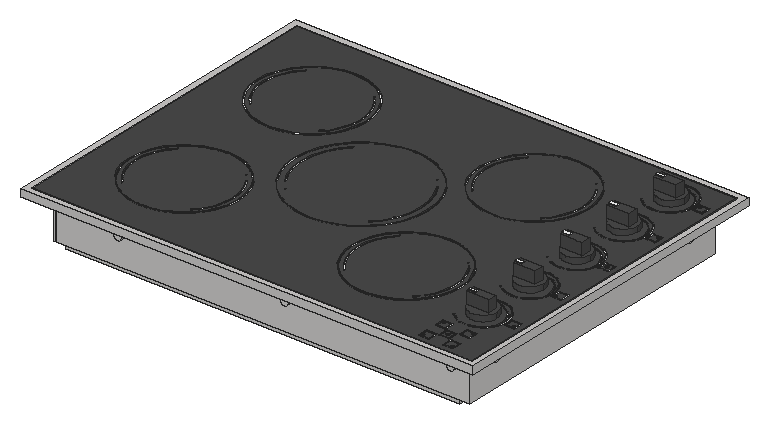
Revit family "QF_Summit_CR5B273B_Electric Cooktop", category Specialty Equipment, Revit 2020 (continued)
Automatic sketch dimensions
  curve 53 to curve 54 = 0.04419"  (x2)
  curve 61 to curve 62 = 0.04419"
  plane 17 to curve 64 = 2.30884"
  curve 64 to curve 64 = 0.04419"
  curve 62 to curve 61 = 2.02406"
  curve 56 to curve 51 = 2.02406"
  curve 50 to plane 8 "Center X" = 2.70732"
  curve 45 to curve 50 = 2.02406"
  plane 8 "Center X" to curve 68 = 2.73079"
  curve 57 to curve 68 = 2.02406"
  plane 13 to curve 52 = 2.33232"
  curve 45 to curve 52 = 2.02406"
  plane 17 to curve 66 = 2.30884"
  curve 57 to curve 66 = 2.02406"
  curve 68 to curve 68 = 0.04419"
  plane 17 to curve 66 = 2.26464"
  curve 67 to curve 66 = 0.04419"
  plane 13 to curve 52 = 2.28812"
  curve 52 to curve 52 = 0.04419"
  curve 50 to plane 8 "Center X" = 2.66312"
  plane 4 "RIGHT" to curve 7 = 3/8"
  curve 8 to plane 5 "FRONT" = 3/8"
  plane 13 to curve 54 = 2.28812"
  plane 13 to curve 40 = 2.28812"
  curve 43 to curve 28 = 0.10573"
  curve 56 to curve 30 = 0.10573"
  curve 30 to curve 30 = 0.0442"
  curve 14 to curve 11 = 2.08688"
  curve 62 to curve 63 = 0.04419"
  plane 1 "BACK" to curve 6 = 3/8"
  curve 34 to plane 12 = 1"
  curve 9 to plane 12 = 1"
  curve 9 to curve 12 = 1/16"
  curve 33 to curve 36 = 1/16"
  curve 44 to curve 22 = 0.68174"
  curve 21 to curve 24 = 1/16"
  plane 7 "Center Y" to curve 46 = 1 7/8"
  plane 7 "Center Y" to curve 58 = 1 7/8"
  curve 57 to curve 59 = 1/16"
  curve 45 to curve 47 = 1/16"
  Extrusion 1 sketch curve to Extrusion 1 sketch curve = 0"  (x82)
  Extrusion 1 sketch curve to plane 8 "Center X" = 0"
  plane 4 "RIGHT" to Extrusion 1 sketch curve = 3/8"
  plane 16 to Extrusion 1 sketch curve = 0.26249"  (x5)
  Extrusion 1 sketch curve to Extrusion 1 sketch curve = 1/32"  (x40)
  Extrusion 1 sketch curve to Extrusion 1 sketch curve = 0.09464"  (x7)
  Extrusion 1 sketch curve to Extrusion 1 sketch curve = 0.25802"  (x5)
  Extrusion 1 sketch curve to plane 15 = 0.06517"  (x2)
  Extrusion 1 sketch curve to plane 15 = 0.1598"  (x4)
  Extrusion 1 sketch curve to plane 15 = 0.68708"  (x2)
  Extrusion 1 sketch curve to plane 14 = 0.27044"  (x2)
  Extrusion 1 sketch curve to Extrusion 1 sketch curve = 0.4214"  (x3)
  plane 13 to Extrusion 1 sketch curve = 0.15185"  (x2)
  Extrusion 1 sketch curve to Extrusion 1 sketch curve = 0.51604"
  Extrusion 1 sketch curve to Extrusion 1 sketch curve = 0.13705"  (x3)
  Extrusion 1 sketch curve to Extrusion 1 sketch curve = 1.49645"  (x5)
  Extrusion 1 sketch curve to Extrusion 1 sketch curve = 0.02594"  (x5)
  Extrusion 1 sketch curve to plane 8 "Center X" = 1.63304"
  Extrusion 1 sketch curve to Extrusion 1 sketch curve = 0.77886"  (x5)
  plane 17 to Extrusion 1 sketch curve = 0.25804"
  Extrusion 1 sketch curve to Extrusion 1 sketch curve = 0.00721"  (x5)
  plane 17 to Extrusion 1 sketch curve = 0.33922"
  Extrusion 1 sketch curve to plane 14 = 0.14516"  (x2)
  plane 17 to Extrusion 1 sketch curve = 19/128"
  Extrusion 1 sketch curve to Extrusion 1 sketch curve = 0.10962"  (x7)
  Extrusion 1 sketch curve to plane 8 "Center X" = 1 67/128"
  Extrusion 1 sketch curve to Extrusion 1 sketch curve = 0.93647"  (x4)
  plane 8 "Center X" to Extrusion 1 sketch curve = 0.04586"
  Extrusion 1 sketch curve to Extrusion 1 sketch curve = 0.079"
  Extrusion 1 sketch curve to Extrusion 1 sketch curve = 0.08998"  (x5)
  plane 17 to Extrusion 1 sketch curve = 0.14683"
  Extrusion 1 sketch curve to Extrusion 1 sketch curve = 0.0442"  (x15)
  plane 8 "Center X" to Extrusion 1 sketch curve = 0.00166"
  Extrusion 1 sketch curve to plane 8 "Center X" = 2.66312"  (x3)
  Extrusion 1 sketch curve to Extrusion 1 sketch curve = 2.48762"  (x3)
  plane 17 to Extrusion 1 sketch curve = 2.26464"  (x4)
  Extrusion 1 sketch curve to Extrusion 1 sketch curve = 2.51577"
  plane 13 to Extrusion 1 sketch curve = 2.28812"  (x2)
  Extrusion 1 sketch curve to plane 8 "Center X" = 2.70732"  (x2)
  Extrusion 1 sketch curve to Extrusion 1 sketch curve = 0.04419"  (x17)
  plane 13 to Extrusion 1 sketch curve = 2.33232"  (x2)
  plane 17 to Extrusion 1 sketch curve = 2.30884"  (x2)
  Extrusion 1 sketch curve to Extrusion 1 sketch curve = 2.02406"  (x8)
  plane 7 "Center Y" to Extrusion 1 sketch curve = 1.13981"  (x2)
  Extrusion 1 sketch curve to plane 7 "Center Y" = 1 3/8"
  Extrusion 1 sketch curve to Extrusion 1 sketch curve = 2.47061"  (x2)
  plane 8 "Center X" to Extrusion 1 sketch curve = 2.6866"
  Extrusion 1 sketch curve to Extrusion 1 sketch curve = 2.16693"  (x2)
  plane 8 "Center X" to Extrusion 1 sketch curve = 2.73079"
  Extrusion 1 sketch curve to plane 12 = 2.22594"  (x4)
  plane 3 "LEFT" to Extrusion 1 sketch curve = 3/8"
  plane 1 "BACK" to Extrusion 1 sketch curve = 3/8"
  plane 17 to Extrusion 1 sketch curve = 0.82264"
  Extrusion 1 sketch curve to Extrusion 1 sketch curve = 0.09403"  (x5)
  Extrusion 1 sketch curve to Extrusion 1 sketch curve = 0.81"  (x4)
  Extrusion 1 sketch curve to Extrusion 1 sketch curve = 0.42201"  (x6)
  Extrusion 1 sketch curve to Extrusion 1 sketch curve = 0.23648"  (x5)
  Extrusion 1 sketch curve to Extrusion 1 sketch curve = 1.52349"  (x2)
  Extrusion 1 sketch curve to Extrusion 1 sketch curve = 0.0016"  (x4)
  Extrusion 1 sketch curve to Extrusion 1 sketch curve = 0.08118"  (x4)
  Extrusion 1 sketch curve to Extrusion 1 sketch curve = 0.48343"
  Extrusion 1 sketch curve to Extrusion 1 sketch curve = 2.04268"
  Extrusion 1 sketch curve to Extrusion 1 sketch curve = 0.12921"  (x2)
  Extrusion 1 sketch curve to Extrusion 1 sketch curve = 0.11121"
  plane 8 "Center X" to Extrusion 1 sketch curve = 1.28551"
  Extrusion 1 sketch curve to Extrusion 1 sketch curve = 0.07266"
  Extrusion 1 sketch curve to plane 8 "Center X" = 2.21365"
  Extrusion 1 sketch curve to Extrusion 1 sketch curve = 0.10573"
  Extrusion 1 sketch curve to Extrusion 1 sketch curve = 1.49792"
  Extrusion 1 sketch curve to Extrusion 1 sketch curve = 0.51161"
  Extrusion 1 sketch curve to Extrusion 1 sketch curve = 0.084"
  Extrusion 1 sketch curve to Extrusion 1 sketch curve = 0.73114"
  Extrusion 1 sketch curve to Extrusion 1 sketch curve = 1.20001"
  Extrusion 1 sketch curve to Extrusion 1 sketch curve = 0.04046"
  Extrusion 1 sketch curve to Extrusion 1 sketch curve = 0.10296"
  Extrusion 1 sketch curve to plane 5 "FRONT" = 3/8"
  Extrusion 1 sketch curve to Extrusion 1 sketch curve = 0.08284"
  Extrusion 4 sketch curve to Extrusion 4 sketch curve = 0"  (x84)
  Extrusion 4 sketch curve to plane 8 "Center X" = 0"
  plane 16 to Extrusion 4 sketch curve = 0.26249"  (x5)
  Extrusion 4 sketch curve to Extrusion 4 sketch curve = 1/32"  (x40)
  Extrusion 4 sketch curve to Extrusion 4 sketch curve = 0.09464"  (x7)
  Extrusion 4 sketch curve to plane 16 = 0.02678"
  Extrusion 4 sketch curve to plane 15 = 0.06517"  (x2)
  Extrusion 4 sketch curve to plane 15 = 0.1598"  (x4)
  Extrusion 4 sketch curve to plane 14 = 0.27044"
  Extrusion 4 sketch curve to plane 15 = 0.68708"
  Extrusion 4 sketch curve to Extrusion 4 sketch curve = 0.4214"  (x4)
  Extrusion 4 sketch curve to Extrusion 4 sketch curve = 0.13705"  (x3)
  Extrusion 4 sketch curve to Extrusion 4 sketch curve = 1.49645"  (x5)
  Extrusion 4 sketch curve to Extrusion 4 sketch curve = 0.25802"  (x4)
  Extrusion 4 sketch curve to Extrusion 4 sketch curve = 0.02594"  (x5)
  Extrusion 4 sketch curve to plane 8 "Center X" = 1.63304"
  Extrusion 4 sketch curve to Extrusion 4 sketch curve = 0.77886"  (x5)
  plane 17 to Extrusion 4 sketch curve = 0.25804"
  Extrusion 4 sketch curve to Extrusion 4 sketch curve = 0.00721"  (x5)
  plane 17 to Extrusion 4 sketch curve = 0.33922"
  Extrusion 4 sketch curve to plane 14 = 0.14516"  (x2)
  Extrusion 4 sketch curve to plane 8 "Center X" = 1 67/128"
  Extrusion 4 sketch curve to Extrusion 4 sketch curve = 0.10962"  (x8)
  plane 17 to Extrusion 4 sketch curve = 19/128"
  Extrusion 4 sketch curve to Extrusion 4 sketch curve = 0.93647"  (x4)
  plane 8 "Center X" to Extrusion 4 sketch curve = 0.04586"
  plane 17 to Extrusion 4 sketch curve = 2.07914"
  Extrusion 4 sketch curve to Extrusion 4 sketch curve = 0.079"
  Extrusion 4 sketch curve to Extrusion 4 sketch curve = 0.08998"  (x5)
  plane 17 to Extrusion 4 sketch curve = 0.14683"
  Extrusion 4 sketch curve to Extrusion 4 sketch curve = 0.0442"  (x14)
  plane 17 to Extrusion 4 sketch curve = 2.12334"
  plane 8 "Center X" to Extrusion 4 sketch curve = 0.00166"
  Extrusion 4 sketch curve to Extrusion 4 sketch curve = 2.48762"  (x3)
  Extrusion 4 sketch curve to Extrusion 4 sketch curve = 2.51577"
  plane 13 to Extrusion 4 sketch curve = 2.28812"
  plane 17 to Extrusion 4 sketch curve = 2.26464"  (x4)
  Extrusion 4 sketch curve to Extrusion 4 sketch curve = 0.04419"  (x20)
  plane 13 to Extrusion 4 sketch curve = 2.33232"  (x2)
  plane 17 to Extrusion 4 sketch curve = 2.30884"  (x2)
  Extrusion 4 sketch curve to Extrusion 4 sketch curve = 2.02406"  (x8)
  plane 7 "Center Y" to Extrusion 4 sketch curve = 1.13981"  (x2)
  Extrusion 4 sketch curve to plane 7 "Center Y" = 1 3/8"
  Extrusion 4 sketch curve to Extrusion 4 sketch curve = 2.47061"  (x2)
  Extrusion 4 sketch curve to Extrusion 4 sketch curve = 2.16693"  (x4)
  Extrusion 4 sketch curve to plane 8 "Center X" = 2.66312"  (x2)
  plane 8 "Center X" to Extrusion 4 sketch curve = 2.6866"
  plane 8 "Center X" to Extrusion 4 sketch curve = 2.73079"
  Extrusion 4 sketch curve to plane 12 = 2.22594"  (x4)
  plane 17 to Extrusion 4 sketch curve = 0.82264"
  Extrusion 4 sketch curve to Extrusion 4 sketch curve = 0.51604"  (x2)
  Extrusion 4 sketch curve to Extrusion 4 sketch curve = 0.23648"  (x5)
  Extrusion 4 sketch curve to Extrusion 4 sketch curve = 1.52349"  (x2)
  Extrusion 4 sketch curve to Extrusion 4 sketch curve = 0.0016"  (x4)
  Extrusion 4 sketch curve to Extrusion 4 sketch curve = 0.08118"  (x4)
  Extrusion 4 sketch curve to Extrusion 4 sketch curve = 2.66818"
  Extrusion 4 sketch curve to Extrusion 4 sketch curve = 2.04268"
  Extrusion 4 sketch curve to Extrusion 4 sketch curve = 0.09403"  (x6)
  Extrusion 4 sketch curve to Extrusion 4 sketch curve = 0.81"  (x3)
  Extrusion 4 sketch curve to Extrusion 4 sketch curve = 0.42201"  (x4)
  Extrusion 4 sketch curve to Extrusion 4 sketch curve = 0.12921"  (x2)
  plane 8 "Center X" to Extrusion 4 sketch curve = 1.28551"
  Extrusion 4 sketch curve to Extrusion 4 sketch curve = 0.07266"
  Extrusion 4 sketch curve to plane 8 "Center X" = 2.21365"
  Extrusion 4 sketch curve to Extrusion 4 sketch curve = 0.10573"
  Extrusion 4 sketch curve to Extrusion 4 sketch curve = 0.83521"
  Extrusion 4 sketch curve to Extrusion 4 sketch curve = 0.24626"
  Extrusion 4 sketch curve to Extrusion 4 sketch curve = 0.51161"
  Extrusion 4 sketch curve to Extrusion 4 sketch curve = 0.084"
  Extrusion 4 sketch curve to Extrusion 4 sketch curve = 0.73114"
  Extrusion 4 sketch curve to Extrusion 4 sketch curve = 0.04046"  (x2)
  plane 13 to Extrusion 4 sketch curve = 0.25481"
  plane 13 to Extrusion 4 sketch curve = 0.1831"
  Extrusion 4 sketch curve to Extrusion 4 sketch curve = 0.08284"  (x6)
  plane 16 to Extrusion 4 sketch curve = 0.05606"
  plane 15 to Extrusion 4 sketch curve = 0.01768"  (x2)
  Extrusion 4 sketch curve to Extrusion 4 sketch curve = 1.33403"  (x2)
  Extrusion 4 sketch curve to Extrusion 4 sketch curve = 1/16"  (x5)
  plane 7 "Center Y" to Extrusion 4 sketch curve = 2 5/8"
  Extrusion 4 sketch curve to Extrusion 4 sketch curve = 1.22594"  (x2)
  Extrusion 10 to Extrusion 2 sketch curve = 2.42519"  (x5)
  Extrusion 10 to Extrusion 2 sketch curve = 1.8978"
  Extrusion 2 sketch curve to Extrusion 2 sketch curve = 3 1/2"  (x3)
  Extrusion 2 sketch curve to Extrusion 2 sketch curve = 3.47443"
  Extrusion 3 sketch curve to Extrusion 3 sketch curve = 0.53786"  (x5)
  Extrusion 3 sketch curve to Extrusion 3 sketch curve = 0.76991"  (x5)
  Extrusion 3 sketch curve to Extrusion 3 sketch curve = 0"  (x5)
  Extrusion 14 sketch curve to Extrusion 3 = 0.1771"  (x10)
  Extrusion 14 sketch curve to Extrusion 14 sketch curve = 0.38904"  (x5)
  curve 71 to curve 73 = 0"  (x2)
  curve 65 to curve 72 = 2.48762"
  plane 17 to curve 69 = 0.14683"
  curve 72 to curve 69 = 0.02815"
  curve 73 to curve 72 = 0.0442"  (x2)
  plane 17 to curve 69 = 0.33922"
  curve 69 to curve 69 = 0.19239"
  curve 71 to curve 70 = 0.93647"
  curve 70 to curve 73 = 0.02594"
  curve 72 to curve 69 = 1.78412"
  curve 70 to curve 71 = 0.23648"
  curve 70 to curve 74 = 0"  (x2)
  curve 71 to curve 76 = 0"  (x2)
  plane 17 to curve 75 = 19/128"
  curve 73 to curve 75 = 0.08998"
  plane 17 to curve 75 = 0.25804"
  curve 70 to curve 75 = 0.00721"
  curve 71 to curve 78 = 0.01231"
  curve 71 to curve 77 = 0.00141"
  curve 78 to curve 71 = 0.80435"
  curve 77 to curve 79 = 0.00557"
  curve 79 to curve 71 = 0.37672"
  curve 78 to curve 80 = 0.00557"
  curve 79 to curve 82 = 0.04118"
  curve 82 to curve 77 = 0.27881"
  curve 83 to curve 78 = 0.27234"
  curve 85 to plane 15 = 0.19105"
  plane 16 to curve 88 = 0.26249"
  curve 86 to curve 74 = 0.08707"
  curve 76 to curve 88 = 0.49147"
  curve 85 to curve 92 = 1/32"  (x2)
  curve 92 to curve 86 = 1/32"
  curve 90 to curve 87 = 1/32"
  curve 93 to plane 15 = 0.06517"
  curve 93 to curve 89 = 0.09403"
  curve 93 to curve 93 = 0.08284"
  curve 96 to plane 15 = 1.67519"
  curve 96 to curve 57 = 0.29628"
  curve 95 to curve 95 = 0.81666"
  curve 95 to curve 97 = 0.04675"
  curve 97 to curve 96 = 0.27881"
  curve 98 to curve 95 = 0.27234"
  curve 96 to curve 100 = 0.00557"
  curve 100 to curve 95 = 0.38904"
  curve 101 to curve 101 = 0.19049"
  curve 103 to plane 15 = 0.19105"
  plane 16 to curve 105 = 0.26249"
  curve 105 to curve 95 = 0.25338"
  curve 104 to curve 105 = 0.57854"
  curve 103 to curve 107 = 1/32"
  curve 109 to curve 105 = 1/32"
  curve 104 to curve 109 = 1/32"
  curve 107 to curve 103 = 1/32"
  curve 112 to curve 108 = 0.09464"
  curve 112 to curve 108 = 0.09403"
  plane 16 to curve 112 = 0.05375"
  curve 113 to curve 116 = 0"  (x2)
  curve 117 to curve 99 = 0.24901"
  curve 114 to curve 97 = 0.22087"
  curve 117 to curve 117 = 0.0442"  (x2)
  curve 113 to curve 114 = 0.19239"
  curve 115 to curve 95 = 0.03826"
  curve 116 to curve 95 = 0.01231"
  curve 117 to curve 99 = 0.70319"
  curve 115 to curve 95 = 0.23789"
  curve 113 to curve 95 = 0.00141"
  curve 114 to curve 113 = 0.19239"
  curve 113 to curve 120 = 0"  (x2)
  curve 115 to curve 118 = 0"  (x2)
  curve 113 to curve 119 = 0.08998"
  curve 115 to curve 119 = 0.00721"
  curve 115 to curve 119 = 0.08118"
  curve 119 to curve 113 = 0.0016"
  curve 123 to plane 15 = 0.19105"
  plane 16 to curve 123 = 0.26249"
  plane 8 "Center X" to curve 122 = 0.70697"
  curve 121 to curve 122 = 0.57854"
  curve 121 to curve 128 = 1/32"
  curve 127 to curve 122 = 1/32"
  curve 121 to curve 127 = 1/32"
  curve 126 to curve 122 = 1/32"
  curve 130 to plane 16 = 0.02678"
  curve 130 to curve 126 = 0.25802"
  plane 15 to curve 129 = 0.01537"
  curve 131 to curve 134 = 0"  (x2)
  plane 8 "Center X" to curve 135 = 0.00166"
  curve 135 to curve 121 = 2.50307"
  curve 113 to curve 132 = 0.02815"
  plane 8 "Center X" to curve 135 = 0.04586"
  curve 131 to curve 135 = 0.0442"
  curve 132 to curve 132 = 0.19239"  (x2)
  plane 8 "Center X" to curve 133 = 0.7393"
  curve 134 to curve 133 = 0.93647"
  curve 133 to curve 131 = 0.02594"
  curve 133 to curve 134 = 0.23648"
  curve 131 to curve 137 = 0.01231"
  curve 131 to curve 137 = 0.00141"
  curve 137 to curve 131 = 0.80435"
  curve 131 to curve 140 = 0"  (x2)
  curve 133 to curve 138 = 0"  (x2)
  curve 131 to curve 139 = 0.08998"
  curve 133 to curve 139 = 0.00721"
  curve 133 to curve 139 = 0.08118"
  curve 139 to curve 131 = 0.0016"
  curve 137 to curve 141 = 0.04675"
  curve 141 to curve 136 = 0.27881"
  curve 142 to curve 136 = 0.27234"
  curve 136 to curve 144 = 0.00557"
  curve 144 to curve 133 = 0.35078"
  curve 144 to curve 145 = 0.19049"
  curve 149 to plane 15 = 0.19105"
  plane 16 to curve 147 = 0.26249"
  curve 147 to plane 8 "Center X" = 2.79219"
  curve 147 to curve 148 = 0.57854"
  curve 149 to curve 154 = 1/32"
  curve 152 to curve 147 = 1/32"  (x2)
  curve 147 to curve 153 = 1/32"
  curve 156 to plane 15 = 0.06517"
  curve 153 to curve 156 = 0.09403"
  curve 156 to curve 155 = 0.08284"
  curve 157 to curve 160 = 0"  (x2)
  curve 45 to curve 161 = 1.30588"
  curve 131 to curve 158 = 0.02815"
  curve 161 to curve 161 = 0.0442"  (x2)
  curve 158 to curve 158 = 0.19239"  (x2)
  curve 161 to curve 159 = 0.93647"
  curve 159 to curve 157 = 0.02594"
  curve 45 to curve 161 = 1.25166"
  curve 161 to curve 159 = 0.69344"
  curve 159 to curve 160 = 0.23648"
  curve 157 to curve 164 = 0"  (x2)
  curve 159 to curve 162 = 0"  (x2)
  curve 157 to curve 163 = 0.08998"
  curve 159 to curve 163 = 0.00721"
  curve 159 to curve 163 = 0.08118"
  curve 163 to curve 157 = 0.0016"
  curve 165 to curve 168 = 0"  (x2)
  curve 49 to curve 169 = 2.48762"
  curve 45 to curve 166 = 1.33403"
  curve 165 to curve 169 = 0.0442"  (x2)
  curve 165 to curve 166 = 0.19239"
  curve 168 to curve 167 = 0.93647"
  curve 167 to curve 165 = 0.02594"
  plane 13 to curve 169 = 2.15223"
  curve 168 to curve 167 = 0.69344"
  curve 167 to curve 165 = 0.23648"
  curve 166 to curve 165 = 0.19239"
  curve 165 to curve 172 = 0"  (x2)
  curve 167 to curve 170 = 0"  (x2)
  curve 165 to curve 171 = 0.08998"
  curve 167 to curve 171 = 0.00721"
  curve 167 to curve 171 = 0.08118"
  curve 171 to curve 165 = 0.0016"
  curve 160 to curve 173 = 0.01231"
  curve 160 to curve 173 = 0.00141"
  curve 174 to curve 157 = 0.80435"
  curve 173 to curve 175 = 0.04675"
  curve 175 to curve 173 = 0.27881"
  curve 176 to curve 173 = 0.27234"
  curve 174 to curve 178 = 0.00557"
  curve 178 to curve 162 = 0.35078"
  curve 178 to curve 179 = 0.19049"
  curve 165 to curve 182 = 0.01231"
  curve 165 to curve 182 = 0.00141"
  curve 181 to curve 165 = 0.80435"
  curve 182 to curve 183 = 0.04675"
  curve 183 to curve 181 = 0.27881"
  curve 184 to curve 181 = 0.27234"
  curve 181 to curve 186 = 0.00557"
  curve 186 to curve 167 = 0.35078"
  curve 186 to curve 187 = 0.19049"
  curve 191 to plane 15 = 0.19105"
  plane 16 to curve 192 = 0.26249"
  curve 191 to curve 170 = 0.11525"
  curve 172 to curve 189 = 0.46329"
  curve 189 to curve 193 = 1/32"
  curve 194 to curve 189 = 1/32"
  curve 190 to curve 196 = 1/32"
  curve 193 to curve 189 = 1/32"
  curve 198 to curve 194 = 0.09464"
  curve 194 to curve 198 = 0.09403"
  plane 16 to curve 197 = 0.05375"
  curve 199 to plane 14 = 0.27044"
  curve 199 to plane 15 = 1 17/64"
  curve 199 to curve 201 = 0.57854"
  plane 13 to curve 201 = 0.1831"
  curve 199 to curve 204 = 1/32"
  curve 206 to curve 200 = 1/32"
  curve 200 to curve 206 = 1/32"
  curve 204 to curve 201 = 1/32"
  curve 207 to curve 205 = 0.09464"
  curve 205 to curve 208 = 0.09403"
  curve 208 to curve 207 = 0.08284"
  curve 212 to plane 14 = 0.27044"
  curve 212 to curve 199 = 1.43119"
  plane 13 to curve 210 = 0.1831"
  curve 211 to curve 210 = 0.57854"
  curve 209 to curve 215 = 1/32"
  curve 214 to curve 209 = 1/32"
  curve 209 to curve 214 = 1/32"
  curve 213 to curve 210 = 1/32"
  curve 215 to curve 218 = 0.09464"
  curve 215 to curve 217 = 0.09403"
  curve 217 to curve 217 = 0.08284"
  curve 221 to curve 165 = 0.00268"
  curve 220 to curve 220 = 0.57854"
  curve 211 to curve 221 = 0.65945"
  curve 219 to curve 219 = 0.57854"
  curve 220 to curve 226 = 1/32"
  curve 224 to curve 219 = 1/32"
  curve 219 to curve 223 = 1/32"
  curve 225 to curve 220 = 1/32"
  curve 225 to curve 227 = 0.09464"
  curve 227 to curve 225 = 0.09403"
  curve 227 to curve 227 = 0.08284"
  curve 230 to curve 199 = 0"
  curve 229 to curve 231 = 0.57854"
  curve 199 to curve 230 = 0.65945"
  curve 229 to curve 229 = 0.57854"
  curve 229 to curve 233 = 1/32"
  curve 235 to curve 230 = 1/32"
  curve 229 to curve 236 = 1/32"
  curve 235 to curve 231 = 1/32"
  curve 237 to curve 234 = 0.09464"
  curve 237 to curve 234 = 0.09403"
  curve 238 to curve 237 = 0.08284"
  curve 219 to curve 240 = 0.13705"
  curve 239 to curve 199 = 0.13705"
  curve 210 to curve 241 = 0.04046"
  curve 240 to curve 219 = 0.04046"
  curve 241 to curve 244 = 1/32"
  curve 246 to curve 239 = 1/32"
  curve 241 to curve 245 = 1/32"
  curve 245 to curve 240 = 1/32"
  curve 247 to curve 248 = 0"  (x2)
  curve 247 to curve 243 = 0.25802"
  curve 243 to curve 247 = 0.25802"
  curve 247 to curve 247 = 0.08284"
  radius of Extrusion 8 sketch curve = 1/4"  (x3)
  radius of Extrusion 9 sketch curve = 1/4"  (x2)
  radius of Extrusion 11 sketch curve = 1/4"  (x3)
  radius of Extrusion 12 sketch curve = 1/4"  (x2)
  radius of Extrusion 6 sketch curve = 3/8"
  radius of Extrusion 1 sketch curve = 3 1/4"  (x4)
  radius of Extrusion 1 sketch curve = 3 3/16"  (x4)
  radius of Extrusion 1 sketch curve = 4"
  radius of Extrusion 1 sketch curve = 3 15/16"
  radius of Extrusion 1 sketch curve = 0.08284"  (x9)
  radius of Extrusion 4 sketch curve = 0.08284"
  radius of Extrusion 2 sketch curve = 0.81666"  (x5)
  radius of Extrusion 3 sketch curve to Extrusion 2 = 0"  (x5)
  radius of Extrusion 14 sketch curve to Extrusion 3 = 0"  (x5)
Connectors (in)
  electrical at (24.17078, -2.11025, -0.25), driven by "Volts", driven by "Watts"
    settings: on Extrusion 6, index 1, voltage 230 V, apparent load 5750 VA, apparent load phase1 0 VA, apparent load phase2 0 VA, apparent load phase3 0 VA, power factor 1, load classification "Other", number of poles 1, system type 30, power factor state 1, is connector primary yes, connector utility no, sub classification motor no, connector description "Electrical Connection"
